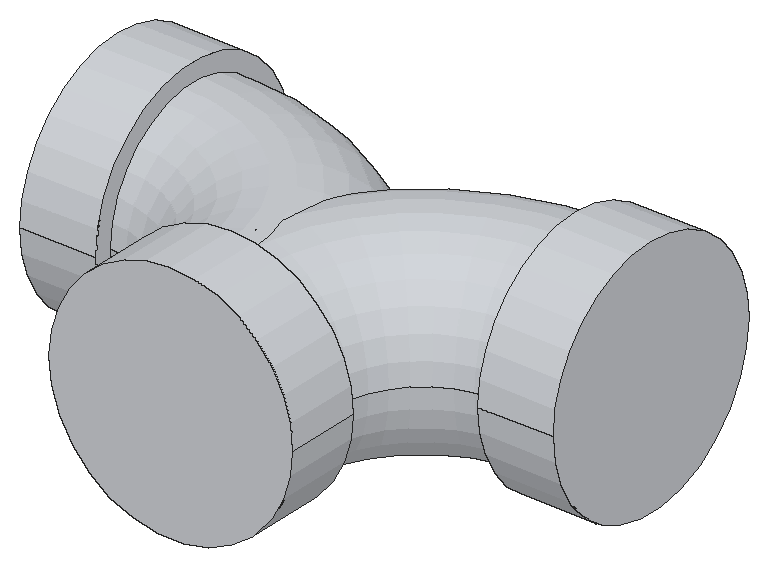
Revit family "e264ee3427d543228c92b2cabe3685ef", category Pipe Fittings, Revit 2021
Family settings
  Round Connector Dimension = Use Radius
  Part Type = Tee
  OmniClass Number = 23.60.30.11.14
  OmniClass Title = Pipework Fittings
  Seek Item ID = Bend Double - PVC - Sch 40 - DWV-0000-USA-ENU
  Work Plane-Based = No
  Always vertical = Yes
  Cut with Voids When Loaded = No
  Shared = No
Parameters (values of type "Standard")
  Wall Thickness [instance] = size_lookup(Lookup Table Name, "WThk", 0.02 * Nominal Diameter + 33/256", Nominal Diameter)  # 0.156"
  Tick Size [instance] = Fitting Outside Diameter * 0.4  # 0.76"
  Socket Outside Radius [instance] = Socket Outside Diameter / 2  # 1.1135"
  Socket Outside Diameter [instance] = Socket Entrance Diameter + Wall Thickness * 2  # 2.227"
  Socket Entrance Diameter [instance] = size_lookup(Lookup Table Name, "SED", 1.04 * Nominal Diameter + 95/256", Nominal Diameter)  # 1.915"
  Socket Depth [instance] = size_lookup(Lookup Table Name, "SDpt", 0.5 * Nominal Diameter, Nominal Diameter)  # 0.687"
  Nominal Radius [instance] = 3/4"
  Nominal Diameter [instance] = Nominal Radius * 2  # 1 1/2"
  Loss Method = Not Defined
  Lookup Table Name = "Bend Double - PVC - Sch 40 - DWV"
  Fitting Outside Radius [instance] = Fitting Outside Diameter / 2  # 0.95"
  Fitting Outside Diameter [instance] = size_lookup(Lookup Table Name, "FOD", 1.04 * Nominal Diameter + 23/64", Nominal Diameter)  # 1.9"
  Default Elevation = 0' - 0"
  Center to Socket Bottom Label [instance] = if(Fitting Outside Radius > Center to Socket Bottom, Fitting Outside Radius + 1/8", Center to Socket Bottom)  # 1 3/4"
  Center to Socket Bottom [instance] = size_lookup(Lookup Table Name, "CtSB", 0.86 * Nominal Diameter + 133/256", Nominal Diameter)  # 1 3/4"
Reference planes (in)
  plane 1 "Center (Front/Back)": y = 0
  plane 2: z = 0
  plane 3 "Center (Left/Right)": x = 0
  plane 4: x = -1.75
  plane 5: x = 1.75
  plane 6: y = -1.75
Forms (in)
  Sweep 1, solid, detail levels fine
    path in 3D
      loop
        line (-1.75, 0, 0) -> (-2.437, 0, 0)
    profile origin (-2.0935, 0, 0) x (0, -1, 0) y (0, 0, 1)
      loop
        circle (0, 0) r 1.1135
  Sweep 2, solid, detail levels fine
    path in 3D
      loop
        line (1.75, 0, 0) -> (2.437, 0, 0)
    profile origin (2.0935, 0, 0) x (0, 1, 0) y (0, 0, 1)
      loop
        circle (0, 0) r 1.1135
  Sweep 3, solid, detail levels fine
    path in 3D
      loop
        line (0, -1.75, 0) -> (0, -2.437, 0)
    profile origin (0, -2.0935, 0) x (1, 0, 0) y (0, 0, 1)
      loop
        circle (0, 0) r 1.1135
  Sweep 4, solid, detail levels fine
    path in 3D
      loop
        arc (-1.75, 0, 0) -> (-0.51256, -0.51256, 0) -> (0, -1.75, 0) r 1.75
    profile origin (-0.51256, -0.51256, 0) x (0.707107, 0.707107, 0) y (0, 0, 1)
      loop
        circle (0, 0) r 0.95
  Sweep 5, solid, detail levels fine
    path in 3D
      loop
        arc (1.75, 0, 0) -> (0.51256, -0.51256, 0) -> (0, -1.75, 0) r 1.75
    profile origin (0.51256, -0.51256, 0) x (0.707107, -0.707107, 0) y (0, 0, 1)
      loop
        circle (0, 0) r 0.95
Cuts and joins
  joined: Sweep 1, Sweep 3, Sweep 4
  joined: Sweep 2, Sweep 5
Lines and regions (in)
  model lines, detail levels coarse+medium
    curve 1: line (-1.75, 0, 0) -> (-2.437, 0, 0)
    curve 2: line (1.75, 0, 0) -> (2.437, 0, 0)
    curve 3: line (0, -1.75, 0) -> (0, -2.437, 0)
    curve 7: line (-2.437, 0, 0) -> (-2.437, 0.76, 0)
    curve 8: line (-2.437, 0, 0) -> (-2.437, -0.76, 0)
    curve 9: line (2.437, 0, 0) -> (2.437, 0.76, 0)
    curve 10: line (2.437, 0, 0) -> (2.437, -0.76, 0)
    curve 11: line (0, -2.437, 0) -> (0.76, -2.437, 0)
    curve 12: line (0, -2.437, 0) -> (-0.76, -2.437, 0)
    curve 13: arc (-1.75, 0, 0) -> (-0.51256, -0.51256, 0) -> (0, -1.75, 0) r 1.75
    curve 14: arc (1.75, 0, 0) -> (0.51256, -0.51256, 0) -> (0, -1.75, 0) r 1.75
  sketch lines
    curve 4: line (-1.75, 0, 0) -> (-2.437, 0, 0)
    curve 5: line (1.75, 0, 0) -> (2.437, 0, 0)
    curve 6: line (0, -1.75, 0) -> (0, -2.437, 0)
    curve 15: arc (-1.75, 0, 0) -> (-0.51256, -0.51256, 0) -> (0, -1.75, 0) r 1.75
    curve 16: arc (1.75, 0, 0) -> (0.51256, -0.51256, 0) -> (0, -1.75, 0) r 1.75
Dimensions and locks (in)
  "Socket Depth": curve 1 to curve 1
  "Socket Depth": curve 2 to curve 2
  "Socket Depth": curve 3 to curve 3
  "Tick Size": curve 7 to curve 7
  "Tick Size": curve 8 to curve 8
  "Tick Size": curve 9 to curve 9
  "Tick Size": curve 10 to curve 10
  "Tick Size": curve 11 to curve 11
  "Tick Size": curve 12 to curve 12
  "Center to Socket Bottom Label": plane 4 to plane 3 "Center (Left/Right)"
  "Center to Socket Bottom Label": plane 3 "Center (Left/Right)" to plane 5
  "Center to Socket Bottom Label": plane 6 to plane 1 "Center (Front/Back)"
  "Center to Socket Bottom Label": curve 1 to plane 3 "Center (Left/Right)"
  "Center to Socket Bottom Label": plane 3 "Center (Left/Right)" to curve 2
  "Socket Outside Radius": radius of Sweep 1 sketch curve
  "Socket Outside Radius": radius of Sweep 2 sketch curve
  "Socket Outside Radius": radius of Sweep 3 sketch curve
  "Fitting Outside Radius": radius of Sweep 4 sketch curve
  "Fitting Outside Radius": radius of Sweep 5 sketch curve
  angle curve 3 to curve 12 = 90.00°
  angle curve 11 to curve 3 = 90.00°
  angle curve 1 to curve 7 = 90.00°
  angle curve 8 to curve 1 = 90.00°
  angle curve 9 to curve 2 = 90.00°
  angle curve 10 to curve 2 = 90.00°
  aligned and locked: plane 1 "Center (Front/Back)" to Sweep 1 sketch curve
  aligned and locked: plane 2 to Sweep 1 sketch curve
  aligned and locked: plane 2 to Sweep 3 sketch curve
  aligned and locked: plane 4 to curve 13
  aligned and locked: plane 6 to curve 13
  aligned and locked: plane 1 "Center (Front/Back)" to curve 2
Automatic sketch dimensions
  Sweep 2 sketch curve to profile plane = 0' - 0"  (x2)
  profile plane to Sweep 3 sketch curve = 0' - 0"
  Sweep 4 sketch curve to profile plane = 0' - 0"  (x2)
  Sweep 5 sketch curve to profile plane = 0' - 0"  (x2)
Connectors (in)
  piping at (-2.437, 0, 0), diameter 1.5, driven by "Nominal Radius"
    settings: on cut or joined group of Sweep 1, Sweep 3, Sweep 4, index 1, connector inside diameter 1 1/2", connector length 0' - 0", flow factor 0, pipe flow 0 GPM, pressure drop 0.00 psi, fitting loss kfactor 0, connector angle 0.00°, fixture units 0, engagement length 0' - 0", angle of deflection 0.00°, flow configuration 0, flow direction 0, fitting loss method 0, system type 28, joint type 0, gender type 0, connector reference index -1, connector utility 0, adjustable connector no, is connector primary yes, connector description ""
  piping at (2.437, 0, 0), diameter 1.5, driven by "Nominal Radius"
    settings: on cut or joined group of Sweep 2, Sweep 5, index 2, connector inside diameter 1 1/2", connector length 0' - 0", flow factor 0, pipe flow 0 GPM, pressure drop 0.00 psi, fitting loss kfactor 0, connector angle 0.00°, fixture units 0, engagement length 0' - 0", angle of deflection 0.00°, flow configuration 0, flow direction 0, fitting loss method 0, system type 28, joint type 0, gender type 0, connector reference index -1, connector utility 0, adjustable connector no, is connector primary no, connector description ""
  piping at (0, -2.437, 0), diameter 1.5, driven by "Nominal Radius"
    settings: on cut or joined group of Sweep 1, Sweep 3, Sweep 4, index 3, connector inside diameter 1 1/2", connector length 0' - 0", flow factor 0, pipe flow 0 GPM, pressure drop 0.00 psi, fitting loss kfactor 0, connector angle 0.00°, fixture units 0, engagement length 0' - 0", angle of deflection 0.00°, flow configuration 0, flow direction 0, fitting loss method 0, system type 28, joint type 0, gender type 0, connector reference index -1, connector utility 0, adjustable connector no, is connector primary no, connector description ""
